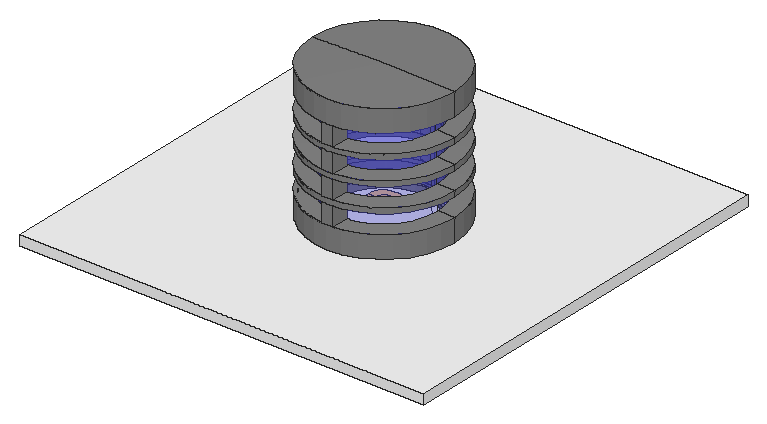
Revit family "BE_99760_de_DE", category Leuchten, Revit 2020
Family settings
  Basisbauteil = Fläche
  Bemaßung runder Anschluss = Durchmesser verwenden
  Teiletyp = Normal
  Beim Laden mit Abzugskörper schneiden = Ja
  Lichtquelle = Ja
  Gemeinsam genutzt = Nein
  Raumberechnungspunkt = Ja
Parameters (values of type "BEGA_99760_Grafit_K4")
  built-in parameter 1150104 = 10.013 (stored number, unit not read)
  Werkzeuglos = ""
  Wattage = 9 W
  Default Elevation = 0 mm
  built-in parameter 1150113 = 1 (stored number, unit not read)
  built-in parameter 1114218 = 1 (stored number, unit not read)
  Umgebungstemperatur = "25 °C"
  URL = "https://www.bega.com/de/produkt/99760"
  Typenkommentare = "© 2022 BEGA. Wir behalten uns das Recht vor, technische Änderungen ohne vorherige Ankündigung vorzunehmen."  # constant formula
  Type Image = 99760.png
  built-in parameter 1150134 = 12
  built-in parameter 1150109 = 1 (stored number, unit not read)
  Strom = ""
  built-in parameter 1150110 = 1 (stored number, unit not read)
  Spannung = 239.996 V
  Sonderanfertigung = no
  Seriennummer [instance] = "Hier können Sie die eindeutige Seriennummer für das Facility Management eintragen."
  Schutzklasse = "I"
  Schutzart = "IP 65"
  Scheinlast = 0 VA
  Produktdatenblatt = "https://cdn.bega.com/bega/products/99760AK4/current/documents/data-sheets/de"
  Oberflächentemperatur = ""
  Neigungswinkel = 0.00°
  Modell = "99760K4"
  Material_18 = BEGA_Gummi_schwarz
  Material_17 = BEGA_Reflektor
  Material_15 = BEGA_Leuchtmedium_matt
  Material_11 = BEGA_Glas_opal
  Material_06 = BEGA_Oberfläche_Edelstahl_gebürstet
  Material_02 = BEGA_Oberfläche_Silber_matt
  Material_01 [instance] = BEGA_Oberfläche_Grafit_matt
  M_G = yes
  M_A = no
  Logo = 0
  built-in parameter 1114217 = 1 (stored number, unit not read)
  built-in parameter 1150139 = (empty or 0)
  built-in parameter 1150105 = 77.192 (stored number, unit not read)
  built-in parameter 1150114 = 1 (stored number, unit not read)
  Lumens = 970.02 lm
  built-in parameter 1150115 = 1 (stored number, unit not read)
  Leuchtenlichtstrom = "238 lm"
  Leuchtenanzahl = ""
  Lebensdauerkriterien = "L70B50 @ 25 °C = 200000 h"
  Lastklassifizierung = Beleuchtung
  built-in parameter 1150112 = 1 (stored number, unit not read)
  Lampenlichtstrom = "1095 lm"
  Lampe = "LED 5.9 W"
  LED_Modulbezeichnung = "LED-0557/840"
  built-in parameter 1150142 = (empty or 0)
  Hersteller = "BEGA"  # constant formula
  Gewicht = "2.45 kg"
  Gebrauchslageneinschränkung [instance] = ""
  Frequenz = "0/50-60 Hz"
  Farbwiedergabeindex = "CRI > 80"
  Farbtemperaturverschiebung bei Dämpfen der Lampe = <Keine Auswahl>
  Farbtemperatur = "4000 K"
  Color Filter = 16777215
  built-in parameter 1150133 = 10 (stored number, unit not read)
  Energieeffizienzklasse = "LED A++ - A"
  built-in parameter 1150137 = (empty or 0)
  built-in parameter 1150132 = (empty or 0)
  ENEC = "ja"
  Datei für fotometrisches Netz = "BE_99760K4.IES"
  CE_Konformität = "ja"
  Bestellnummer = "99760K4"
  Beschreibung_Sonderanfertigung = "Hier können Sie Informationen zur Sonderanfertigung eintragen."
  Beschreibung = "Pollerleuchtenkopf"
  built-in parameter 1150106 = 0.77192 (stored number, unit not read)
  BEGA_Intern_aus = yes
  BEGA_Intern_an = yes
  BEGA_Intern_Konstruktion = yes
  BEGA_Intern = yes
  BEGA_IES = yes
  BEGA_Dummy = no
  Anschlussleistung [instance] = "7 W"
  built-in parameter 1150107 = 4000 (stored number, unit not read)
  built-in parameter 1150102 = (empty or 0)
  built-in parameter 1150138 = (empty or 0)
  Aktualisierung = "2022-05-20T04:00:08"
  AC/DC = "AC/DC"
Types (4, lengths in mm): name | built-in parameter 1150104 | built-in parameter 1150134 | Modell | M_G | M_A | built-in parameter 1150105 | Lumens | Leuchtenlichtstrom | Lampenlichtstrom | LED_Modulbezeichnung | Farbtemperatur | Datei für fotometrisches Netz | Bestellnummer | built-in parameter 1150106 | built-in parameter 1150107
  BEGA_99760_Grafit_K4 | 10.013 (stored number, unit not read) | 12 | "99760K4" | yes | no | 77.192 (stored number, unit not read) | 970.02 lm | "238 lm" | "1095 lm" | "LED-0557/840" | "4000 K" | "BE_99760K4.IES" | "99760K4" | 0.77192 (stored number, unit not read) | 4000 (stored number, unit not read)
  BEGA_99760_Silber_K3 | 9.4455 (stored number, unit not read) | (empty or 0) | "99760AK3" | no | yes | 72.816 (stored number, unit not read) | 915.03 lm | "235 lm" | "1080 lm" | "LED-0557/830" | "3000 K" | "BE_99760K3.IES" | "99760AK3" | 0.72816 (stored number, unit not read) | 3000 (stored number, unit not read)
  BEGA_99760_Silber_K4 | 10.013 (stored number, unit not read) | 12 | "99760AK4" | no | yes | 77.192 (stored number, unit not read) | 970.02 lm | "238 lm" | "1095 lm" | "LED-0557/840" | "4000 K" | "BE_99760K4.IES" | "99760AK4" | 0.77192 (stored number, unit not read) | 4000 (stored number, unit not read)
  BEGA_99760_Grafit_K3 | 9.4455 (stored number, unit not read) | (empty or 0) | "99760K3" | yes | no | 72.816 (stored number, unit not read) | 915.03 lm | "235 lm" | "1080 lm" | "LED-0557/830" | "3000 K" | "BE_99760K3.IES" | "99760K3" | 0.72816 (stored number, unit not read) | 3000 (stored number, unit not read)
Reference planes
  plane 1 "Mitte (Vorne/Hinten)": y = 0
  plane 2: z = 0
  plane 3 "Mitte (Links/Rechts)": x = 0
  plane 4 "Links": x = -70
  plane 5 "Rechts": x = 70
  plane 6 "Unten": y = -69.784
  plane 7 "Oben": y = 69.784
  plane 8 "Vorne": z = 133.6
  plane 9 "Hinten": z = -132.072
Forms (mm)
  Extrusion 1, solid, material "BEGA_Platte_Weiss"
    sketch origin (0, -1119.2, 0) x (1, 0, 0) y (0, 1, 0)
      loop
        line (-200, 1319.2) -> (-200, 919.2) -> (200, 919.2) -> (200, 1319.2) -> (-200, 1319.2)
    from 0 to -10
  Extrusion 2, solid, material "BEGA_Dummy_matt", visible <- "BEGA_Dummy"
    sketch origin (77.149, -76.023, 0) x (1, 0, 0) y (0, 1, 0)
      loop
        circle (-77.149, 76.023) r 70
    from 0 to 25.379
Dimensions and locks
  plane 1 "Mitte (Vorne/Hinten)" to Extrusion 1 = 200 mm
  aligned and locked: plane 2 to Extrusion 1
  aligned and locked: level to Extrusion 1
Nested families
  nested 1: "BE_99760_Pollerkopf" at (0, 0, 0), type "BE_99760_Pollerkopf"
    with BEGA_Infotext_Winkel no
Connectors
  electrical at (0, 0, 0), driven by "Lastklassifizierung", driven by "Spannung", driven by "Scheinlast"
    settings: index 1, voltage 239.996 V, apparent load 0 VA, apparent load phase1 0 VA, apparent load phase2 0 VA, apparent load phase3 0 VA, power factor 1, load classification "Beleuchtung", number of poles 1, system type 31, power factor state 1, is connector primary yes, connector utility no, sub classification motor no, connector description ""
Definition of nested family "BE_99760_Pollerkopf"
  Parameters (values of type "BE_99760_Pollerkopf")
    Default Elevation = 1 mm
    URL = "http://www.bega.de/de/produkt"
    Type Comments = "© 2015 BEGA. Wir behalten uns das Recht vor, technische Änderungen ohne vorherige Ankündigung vorzunehmen. "  # constant formula
    Type Image = element 69160
    Material_18 = none
    Material_15 = none
    Material_11 = none
    Material_02 = none
    Material_01 = none
    M_G = yes
    M_A = yes
    Länge_Platte = 200 mm  # constant formula
    Höhe_Platte = -10 mm  # constant formula
    Manufacturer = "BEGA"  # constant formula
    Breite_Platte = 200 mm  # constant formula
    BEGA_Infotext_Winkel [instance] = no
    Aktualisierung = "Stand: 25.03.2015"  # constant formula
  Reference planes
    plane 1 "Mitte (Oben/Unten)": y = 0
    plane 2: z = 0
    plane 3 "Mitte (Links/Rechts)": x = 0
    plane 4 "Links": x = -70
    plane 5 "Rechts": x = 70
    plane 6 "Oben": y = 69.784
    plane 7 "Unten": y = -69.784
    plane 8: z = 133.6
    plane 9: z = -132.072
  Forms (mm)
    Extrusion 1, solid, detail levels medium
      sketch origin (0, 0, 0) x (1, 0, 0) y (0, 1, 0)
        loop
          line (-100, 100) -> (-100, -100) -> (100, -100) -> (100, 100) -> (-100, 100)
      from 0 to -10 <- "Höhe_Platte"
    Revolve 2, solid, material <- "Material_01", visible <- "M_G", detail levels medium+fine
      sketch origin (0, 0, 0) x (1, 0, 0) y (0, 0, 1)
        loop
          line (-70, 133.6) -> (-70, 111.6) -> (-52.712, 110.996) -> (-52.5, 126.146) -> (-33.8, 126.146) -> (-33.625, 131.146) -> (0, 131.146) -> (0, 134.822) -> (-70, 133.6)
        loop
          line (-52.953, 93.695) -> (-70, 93.1) -> (-70, 87.9) -> (-53.042, 87.308) -> (-52.953, 93.695)
        loop
          line (-70, 69.4) -> (-70, 64.2) -> (-53.373, 63.619) -> (-53.284, 69.984) -> (-70, 69.4)
        loop
          line (-53.615, 46.272) -> (-70, 45.7) -> (-70, 40.5) -> (-53.704, 39.931) -> (-53.615, 46.272)
        loop
          line (-70, 0) -> (-67.2, 0) -> (-66.54, 18.896) -> (-53.998, 18.896) -> (-53.946, 22.561) -> (-70, 22) -> (-70, 0)
        axis (0, 134.822) -> (0, 0)
      angle from 0 to 360
    Extrusion 3, solid, material <- "Material_01", visible <- "M_G", detail levels medium+fine
      sketch origin (0, 0, 0) x (1, 0, 0) y (0, 1, 0)
        loop
          line (-5.5, 69.784) -> (-6.835, 54.521)
          arc (-6.835, 54.521) -> (0.016, 54.86) -> (6.854, 54.31) r 52.953
          line (6.854, 54.31) -> (5.5, 69.784)
          arc (5.5, 69.784) -> (0, 70) -> (-5.5, 69.784) r 70
        loop
          arc (-5.394, -69.792) -> (0.064, -70.003) -> (5.521, -69.789) r 69.998
          line (5.521, -69.789) -> (6.914, -53.872)
          arc (6.914, -53.872) -> (0.063, -54.314) -> (-6.787, -53.864) r 52.95
          line (-6.787, -53.864) -> (-5.394, -69.792)
      from 0 to 111.6
    Revolve 4, solid, material <- "Material_11"
      sketch origin (0, 0, 0) x (1, 0, 0) y (0, 0, 1)
        loop
          line (-39.531, 120.5) -> (0, 120.5) -> (0, 125.5) -> (-48.379, 125.5)
          arc (-48.379, 125.5) -> (-50.481, 124.64) -> (-51.378, 122.552) r 3
          line (-51.378, 122.552) -> (-53.5, 1) -> (-48.5, 1) -> (-45.524, 114.657)
          arc (-45.524, 114.657) -> (-43.714, 118.796) -> (-39.531, 120.5) r 6
        axis (0, 125.5) -> (0, 1)
      angle from 0 to 360
    Revolve 5, solid, material <- "Material_01", visible <- "M_G", detail levels medium+fine
      sketch origin (0, 0, 0) x (1, 0, 0) y (0, 0, 1)
        loop
          line (-66.8, 0) -> (-64.8, 0) -> (-63.389, -8) -> (-57, -8.223) -> (-57, -26.7) -> (-60, -29.7) -> (-60, -32.2) -> (-46.792, -32.2) -> (-46.446, -42.099)
          arc (-46.446, -42.099) -> (-46.236, -42.929) -> (-45.698, -43.595) r 2
          line (-45.698, -43.595) -> (-43.935, -45) -> (-32.5, -45) -> (-32.203, -53.5) -> (-29.5, -53.5) -> (-28.834, -40.8) -> (-6.049, -40.8) -> (-6.147, -38) -> (-42.929, -38) -> (-44.5, 7) -> (-46.651, 7) -> (-47, -3) -> (-54, -3) -> (-54.244, 4) -> (-66.8, 4) -> (-66.8, 0)
        axis (0, 7) -> (0, -53.5)
      angle from 0 to 360
    Revolve 6, solid, material <- "Material_01", visible <- "M_G", detail levels medium+fine
      sketch origin (0, 0, 0) x (1, 0, 0) y (0, 0, 1)
        loop
          line (-33.87, -53.5) -> (-33.8, -57.5) -> (-29.3, -57.5) -> (-28.596, -97.844)
          arc (-28.596, -97.844) -> (-27.848, -99.583) -> (-26.096, -100.3) r 2.5
          line (-26.096, -100.3) -> (-13.57, -100.3)
          arc (-13.57, -100.3) -> (-12.869, -100.586) -> (-12.57, -101.281) r 1
          line (-12.57, -101.281) -> (-12.5, -105.3) -> (-7.6, -105.3) -> (-7.6, -98.5) -> (-24.749, -98.5)
          arc (-24.749, -98.5) -> (-26.151, -97.927) -> (-26.749, -96.535) r 2
          line (-26.749, -96.535) -> (-27.5, -53.5) -> (-33.87, -53.5)
        axis (0, -53.5) -> (0, -105.3)
      angle from 0 to 360
    Revolve 7, solid, material <- "Material_18", detail levels medium+fine
      sketch origin (0, 0, 0) x (1, 0, 0) y (0, 0, 1)
        loop
          arc (-9.197, -127.85) -> (-7.969, -130.818) -> (-5.002, -132.05) r 4.2
          line (-5.002, -132.05) -> (0, -132.05) -> (0, -101.05) -> (-6.93, -101.05) -> (-6.93, -106.05) -> (-9.5, -106.05) -> (-9.5, -111.05) -> (-7.6, -111.05) -> (-7.6, -116.55) -> (-9.5, -116.55) -> (-9.5, -126.502) -> (-9.197, -127.85)
        axis (0, -101.05) -> (0, -132.05)
      angle from 0 to 360
    Revolve 8, solid, material <- "Material_15", detail levels medium+fine
      sketch origin (0, 0, 0) x (1, 0, 0) y (0, 0, 1)
        loop
          line (-15, 12) -> (-7.024, 12) -> (-7.024, 13.8) -> (-15, 13.8) -> (-15, 12)
        axis (0, 13.8) -> (0, 12)
      angle from 0 to 360
    Revolve 9, solid, material <- "Material_02", visible <- "M_A", detail levels medium+fine
      sketch origin (0, 0, 0) x (1, 0, 0) y (0, 0, 1)
        loop
          line (-70, 133.6) -> (-70, 111.6) -> (-52.712, 110.996) -> (-52.5, 126.146) -> (-33.8, 126.146) -> (-33.625, 131.146) -> (0, 131.146) -> (0, 134.822) -> (-70, 133.6)
        loop
          line (-52.953, 93.695) -> (-70, 93.1) -> (-70, 87.9) -> (-53.042, 87.308) -> (-52.953, 93.695)
        loop
          line (-70, 69.4) -> (-70, 64.2) -> (-53.373, 63.619) -> (-53.284, 69.984) -> (-70, 69.4)
        loop
          line (-53.615, 46.272) -> (-70, 45.7) -> (-70, 40.5) -> (-53.704, 39.931) -> (-53.615, 46.272)
        loop
          line (-70, 0) -> (-67.2, 0) -> (-66.54, 18.896) -> (-53.998, 18.896) -> (-53.946, 22.561) -> (-70, 22) -> (-70, 0)
        axis (0, 134.822) -> (0, 0)
      angle from 0 to 360
    Extrusion 10, solid, material <- "Material_02", visible <- "M_A", detail levels medium+fine
      sketch origin (0, 0, 0) x (1, 0, 0) y (0, 1, 0)
        loop
          line (-5.5, 69.784) -> (-6.835, 54.521)
          arc (-6.835, 54.521) -> (0.016, 54.86) -> (6.854, 54.31) r 52.953
          line (6.854, 54.31) -> (5.5, 69.784)
          arc (5.5, 69.784) -> (0, 70) -> (-5.5, 69.784) r 70
        loop
          arc (-5.394, -69.792) -> (0.064, -70.003) -> (5.521, -69.789) r 69.998
          line (5.521, -69.789) -> (6.914, -53.872)
          arc (6.914, -53.872) -> (0.063, -54.314) -> (-6.787, -53.864) r 52.95
          line (-6.787, -53.864) -> (-5.394, -69.792)
      from 0 to 111.6
    Revolve 11, solid, material <- "Material_02", visible <- "M_A", detail levels medium+fine
      sketch origin (0, 0, 0) x (1, 0, 0) y (0, 0, 1)
        loop
          line (-66.8, 0) -> (-64.8, 0) -> (-63.389, -8) -> (-57, -8.223) -> (-57, -26.7) -> (-60, -29.7) -> (-60, -32.2) -> (-46.792, -32.2) -> (-46.446, -42.099)
          arc (-46.446, -42.099) -> (-46.236, -42.929) -> (-45.698, -43.595) r 2
          line (-45.698, -43.595) -> (-43.935, -45) -> (-32.5, -45) -> (-32.203, -53.5) -> (-29.5, -53.5) -> (-28.834, -40.8) -> (-6.049, -40.8) -> (-6.147, -38) -> (-42.929, -38) -> (-44.5, 7) -> (-46.651, 7) -> (-47, -3) -> (-54, -3) -> (-54.244, 4) -> (-66.8, 4) -> (-66.8, 0)
        axis (0, 7) -> (0, -53.5)
      angle from 0 to 360
    Revolve 12, solid, material <- "Material_02", visible <- "M_A", detail levels medium+fine
      sketch origin (0, 0, 0) x (1, 0, 0) y (0, 0, 1)
        loop
          line (-33.87, -53.5) -> (-33.8, -57.5) -> (-29.3, -57.5) -> (-28.596, -97.844)
          arc (-28.596, -97.844) -> (-27.848, -99.583) -> (-26.096, -100.3) r 2.5
          line (-26.096, -100.3) -> (-13.57, -100.3)
          arc (-13.57, -100.3) -> (-12.869, -100.586) -> (-12.57, -101.281) r 1
          line (-12.57, -101.281) -> (-12.5, -105.3) -> (-7.6, -105.3) -> (-7.6, -98.5) -> (-24.749, -98.5)
          arc (-24.749, -98.5) -> (-26.151, -97.927) -> (-26.749, -96.535) r 2
          line (-26.749, -96.535) -> (-27.5, -53.5) -> (-33.87, -53.5)
        axis (0, -53.5) -> (0, -105.3)
      angle from 0 to 360
  Cuts and joins
    joined: Revolve 2, Extrusion 3
    joined: Revolve 9, Extrusion 10
  Dimensions and locks
    equal spacing: Extrusion 1 sketch curve, plane 3 "Mitte (Links/Rechts)", Extrusion 1 sketch curve
    equal spacing: Extrusion 1 sketch curve, plane 1 "Mitte (Oben/Unten)", Extrusion 1 sketch curve
    "Länge_Platte": Extrusion 1 sketch curve to Extrusion 1 sketch curve
    "Breite_Platte": Extrusion 1 sketch curve to Extrusion 1 sketch curve
    plane 1 "Mitte (Oben/Unten)" to Extrusion 1 = 100 mm  (x3)
    aligned and locked: Extrusion 1 to plane 2
    aligned and locked: Extrusion 1 to level
  Automatic sketch dimensions
    Revolve 2 sketch curve to Revolve 2 sketch curve = 22 mm
    Revolve 2 sketch curve to Revolve 2 sketch curve = 17.288 mm
    Revolve 2 sketch curve to Revolve 2 sketch curve = 0.604 mm
    Revolve 2 sketch curve to Revolve 2 sketch curve = 0.212 mm
    Revolve 2 sketch curve to Revolve 2 sketch curve = 15.15 mm
    Revolve 2 sketch curve to Revolve 2 sketch curve = 18.7 mm
    Revolve 2 sketch curve to Revolve 2 sketch curve = 0.175 mm
    Revolve 2 sketch curve to Revolve 2 sketch curve = 33.625 mm
    Revolve 2 sketch curve to Revolve 2 sketch curve = 5 mm
    Revolve 2 sketch curve to plane 3 "Mitte (Links/Rechts)" = 0 mm  (x2)
    Revolve 2 sketch curve to Revolve 2 sketch curve = 0.331 mm  (x3)
    Revolve 2 sketch curve to Revolve 2 sketch curve = 0.089 mm  (x3)
    Revolve 2 sketch curve to Revolve 2 sketch curve = 17.301 mm
    Revolve 2 sketch curve to Revolve 2 sketch curve = 6.387 mm
    Revolve 2 sketch curve to Revolve 2 sketch curve = 16.958 mm
    Revolve 2 sketch curve to Revolve 2 sketch curve = 0.595 mm
    Revolve 2 sketch curve to Revolve 2 sketch curve = 5.2 mm  (x3)
    Revolve 2 sketch curve to Revolve 2 sketch curve = 17.324 mm
    Revolve 2 sketch curve to Revolve 2 sketch curve = 6.364 mm
    Revolve 2 sketch curve to Revolve 2 sketch curve = 16.716 mm
    Revolve 2 sketch curve to Revolve 2 sketch curve = 0.584 mm
    Revolve 2 sketch curve to Revolve 2 sketch curve = 17.347 mm
    Revolve 2 sketch curve to Revolve 2 sketch curve = 6.341 mm
    Revolve 2 sketch curve to Revolve 2 sketch curve = 16.385 mm
    Revolve 2 sketch curve to Revolve 2 sketch curve = 0.572 mm
    Revolve 2 sketch curve to level = 0 mm
    level to Revolve 2 sketch curve = 22.561 mm
    Revolve 2 sketch curve to Revolve 2 sketch curve = 0.243 mm
    Revolve 2 sketch curve to Revolve 2 sketch curve = 16.054 mm
    level to Revolve 2 sketch curve = 22 mm
    Revolve 2 sketch curve to Revolve 2 sketch curve = 2.8 mm
    Revolve 2 sketch curve to Revolve 2 sketch curve = 3.46 mm
    Revolve 2 sketch curve to Revolve 2 sketch curve = 0.051 mm
    level to Revolve 2 sketch curve = 18.896 mm
    Revolve 4 sketch curve to plane 3 "Mitte (Links/Rechts)" = 51.378 mm
    Revolve 4 sketch curve to Revolve 4 sketch curve = 3 mm
    Revolve 4 sketch curve to Revolve 4 sketch curve = 8.853 mm
    Revolve 4 sketch curve to Revolve 4 sketch curve = 8 mm
    Revolve 4 sketch curve to Revolve 4 sketch curve = 0.052 mm
    level to Revolve 4 sketch curve = 1 mm
    Revolve 4 sketch curve to plane 3 "Mitte (Links/Rechts)" = 53.5 mm
    Revolve 4 sketch curve to Revolve 4 sketch curve = 0 mm  (x4)
    Revolve 4 sketch curve to Revolve 4 sketch curve = 5.998 mm
    Revolve 4 sketch curve to Revolve 4 sketch curve = 0.005 mm
    Revolve 4 sketch curve to Revolve 4 sketch curve = 0.157 mm
    Revolve 4 sketch curve to Revolve 4 sketch curve = 5 mm  (x2)
    Revolve 4 sketch curve to plane 3 "Mitte (Links/Rechts)" = 0 mm  (x2)
    Revolve 5 sketch curve to level = 0 mm
    Revolve 5 sketch curve to Revolve 5 sketch curve = 2 mm
    Revolve 5 sketch curve to Revolve 5 sketch curve = 1.411 mm
    Revolve 5 sketch curve to level = 8 mm
    Revolve 5 sketch curve to level = 8.223 mm
    Revolve 5 sketch curve to Revolve 5 sketch curve = 6.389 mm
    level to Revolve 5 sketch curve = 4 mm
    Revolve 5 sketch curve to Revolve 5 sketch curve = 10.556 mm
    Revolve 5 sketch curve to Revolve 5 sketch curve = 0.244 mm
    Revolve 5 sketch curve to Revolve 5 sketch curve = 7 mm
    Revolve 5 sketch curve to level = 3 mm
    Revolve 5 sketch curve to Revolve 5 sketch curve = 7.594 mm
    Revolve 5 sketch curve to Revolve 5 sketch curve = 2.151 mm
    level to Revolve 5 sketch curve = 7 mm
    Revolve 5 sketch curve to Revolve 5 sketch curve = 14.071 mm
    Revolve 5 sketch curve to Revolve 5 sketch curve = 18.477 mm
    Revolve 5 sketch curve to Revolve 5 sketch curve = 11.3 mm
    Revolve 5 sketch curve to Revolve 5 sketch curve = 3 mm
    Revolve 5 sketch curve to Revolve 5 sketch curve = 3.863 mm
    Revolve 5 sketch curve to Revolve 5 sketch curve = 3.518 mm
    Revolve 5 sketch curve to Revolve 5 sketch curve = 2.512 mm
    Revolve 5 sketch curve to Revolve 5 sketch curve = 36.782 mm
    Revolve 5 sketch curve to Revolve 5 sketch curve = 0.297 mm
    Revolve 5 sketch curve to Revolve 5 sketch curve = 2.703 mm
    Revolve 5 sketch curve to Revolve 5 sketch curve = 4.099 mm
    Revolve 5 sketch curve to Revolve 5 sketch curve = 8.5 mm
    Revolve 5 sketch curve to Revolve 5 sketch curve = 5.8 mm
    Revolve 5 sketch curve to Revolve 5 sketch curve = 2.5 mm
    Revolve 5 sketch curve to Revolve 5 sketch curve = 1.999 mm
    Revolve 5 sketch curve to Revolve 5 sketch curve = 0.064 mm
    Revolve 5 sketch curve to Revolve 5 sketch curve = 0.749 mm
    Revolve 6 sketch curve to plane 3 "Mitte (Links/Rechts)" = 33.87 mm
    Revolve 6 sketch curve to Revolve 6 sketch curve = 0.07 mm  (x2)
    Revolve 6 sketch curve to Revolve 6 sketch curve = 4 mm  (x2)
    Revolve 6 sketch curve to plane 3 "Mitte (Links/Rechts)" = 26.096 mm
    Revolve 6 sketch curve to Revolve 6 sketch curve = 1.347 mm  (x2)
    Revolve 6 sketch curve to Revolve 6 sketch curve = 11.179 mm
    Revolve 6 sketch curve to Revolve 6 sketch curve = 1.3 mm
    Revolve 6 sketch curve to Revolve 6 sketch curve = 4.5 mm
    Revolve 6 sketch curve to Revolve 6 sketch curve = 2.5 mm
    Revolve 6 sketch curve to Revolve 6 sketch curve = 0 mm  (x9)
    Revolve 6 sketch curve to Revolve 6 sketch curve = 1.8 mm
    Revolve 6 sketch curve to Revolve 6 sketch curve = 0.653 mm
    Revolve 6 sketch curve to Revolve 6 sketch curve = 4.9 mm
    Revolve 8 sketch curve to plane 3 "Mitte (Links/Rechts)" = 15 mm
    level to Revolve 8 sketch curve = 12 mm
    Revolve 8 sketch curve to plane 3 "Mitte (Links/Rechts)" = 7.024 mm
    Revolve 8 sketch curve to plane 3 "Mitte (Links/Rechts)" = 0 mm
    Revolve 8 sketch curve to Revolve 8 sketch curve = 1.8 mm
    Revolve 2 sketch curve to Revolve 2 sketch curve = 17.37 mm
    Revolve 2 sketch curve to Revolve 2 sketch curve = 3.676 mm
    Revolve 2 sketch curve to Revolve 2 sketch curve = 2474.236 mm
    Revolve 4 sketch curve to Revolve 4 sketch curve = 113.5 mm
    Revolve 4 sketch curve to Revolve 4 sketch curve = 2483.558 mm
    Revolve 8 sketch curve to Revolve 8 sketch curve = 2595.258 mm
    Extrusion 3 sketch curve to Extrusion 3 sketch curve = 0.042 mm
    Extrusion 3 sketch curve to Extrusion 3 sketch curve = 0.005 mm
    Extrusion 3 sketch curve to plane 6 "Oben" = 0 mm  (x2)
    Extrusion 3 sketch curve to plane 7 "Unten" = 0.008 mm
    plane 1 "Mitte (Oben/Unten)" to Extrusion 3 sketch curve = 0.005 mm
    plane 3 "Mitte (Links/Rechts)" to Extrusion 3 sketch curve = 0.042 mm
    Extrusion 3 sketch curve to plane 7 "Unten" = 0.005 mm
    Extrusion 3 sketch curve to plane 3 "Mitte (Links/Rechts)" = 0.797 mm
    Extrusion 3 sketch curve to plane 3 "Mitte (Links/Rechts)" = 5.394 mm
    Extrusion 3 sketch curve to plane 3 "Mitte (Links/Rechts)" = 5.5 mm
    Extrusion 3 sketch curve to plane 3 "Mitte (Links/Rechts)" = 6.835 mm
    Extrusion 3 sketch curve to plane 3 "Mitte (Links/Rechts)" = 6.787 mm
    plane 3 "Mitte (Links/Rechts)" to Extrusion 3 sketch curve = 0.094 mm
    plane 3 "Mitte (Links/Rechts)" to Extrusion 3 sketch curve = 6.854 mm
    plane 3 "Mitte (Links/Rechts)" to Extrusion 3 sketch curve = 6.914 mm
    plane 7 "Unten" to Extrusion 3 sketch curve = 15.911 mm
    Extrusion 3 sketch curve to Extrusion 3 sketch curve = 0.008 mm
    Extrusion 3 sketch curve to plane 1 "Mitte (Oben/Unten)" = 1.913 mm
    Extrusion 3 sketch curve to plane 6 "Oben" = 15.473 mm
    Revolve 5 sketch curve to plane 3 "Mitte (Links/Rechts)" = 0 mm
    Revolve 5 sketch curve to Revolve 5 sketch curve = 3.666 mm
    Revolve 5 sketch curve to Revolve 5 sketch curve = 4.2 mm
    plane 8 to Revolve 5 sketch curve = 2475.458 mm
    Revolve 5 sketch curve to Revolve 5 sketch curve = 26.353 mm
    Revolve 5 sketch curve to plane 3 "Mitte (Links/Rechts)" = 6.049 mm
    Revolve 5 sketch curve to Revolve 5 sketch curve = 0.098 mm
    Revolve 5 sketch curve to Revolve 5 sketch curve = 2.8 mm
    Revolve 7 sketch curve to plane 3 "Mitte (Links/Rechts)" = 0 mm  (x2)
    Revolve 7 sketch curve to plane 3 "Mitte (Links/Rechts)" = 4.997 mm
    Revolve 7 sketch curve to Revolve 7 sketch curve = 0.005 mm
    Revolve 7 sketch curve to Revolve 7 sketch curve = 6.93 mm
    Revolve 7 sketch curve to plane 3 "Mitte (Links/Rechts)" = 7.6 mm
    Revolve 7 sketch curve to Revolve 7 sketch curve = 4.2 mm
    Revolve 7 sketch curve to Revolve 7 sketch curve = 0.303 mm
    Revolve 7 sketch curve to Revolve 7 sketch curve = 1.9 mm
    Revolve 7 sketch curve to Revolve 7 sketch curve = 5 mm  (x2)
    Revolve 7 sketch curve to Revolve 7 sketch curve = 5.5 mm
    Revolve 7 sketch curve to Revolve 7 sketch curve = 9.952 mm
    Revolve 7 sketch curve to Revolve 7 sketch curve = 1.348 mm  (x2)
    Revolve 7 sketch curve to Revolve 7 sketch curve = 477.55 mm
    plane 8 to Revolve 7 sketch curve = 2475.458 mm
    Revolve 2 sketch curve to level = 609.6 mm
    Revolve 4 sketch curve to level = 609.6 mm
    Revolve 5 sketch curve to Revolve 5 sketch curve = 556.1 mm
    Revolve 6 sketch curve to plane 3 "Mitte (Links/Rechts)" = 0 mm
    Revolve 6 sketch curve to Revolve 6 sketch curve = 1 mm
    Revolve 6 sketch curve to level = 105.3 mm
    Revolve 6 sketch curve to Revolve 6 sketch curve = 0.019 mm
    Revolve 6 sketch curve to Revolve 6 sketch curve = 2.781 mm
    Revolve 6 sketch curve to Revolve 6 sketch curve = 0.7 mm
    Revolve 6 sketch curve to Revolve 6 sketch curve = 39.035 mm
    Revolve 6 sketch curve to Revolve 6 sketch curve = 504.3 mm
    plane 8 to Revolve 6 sketch curve = 2475.458 mm
    Revolve 7 sketch curve to level = 101.05 mm
    Revolve 8 sketch curve to level = 609.6 mm
    Revolve 9 sketch curve to plane 4 "Links" = 0 mm  (x5)
    Revolve 9 sketch curve to level = 0 mm
    Revolve 9 sketch curve to plane 3 "Mitte (Links/Rechts)" = 0 mm  (x2)
    Revolve 9 sketch curve to plane 8 = 0 mm
    Revolve 9 sketch curve to Revolve 9 sketch curve = 2.8 mm
    plane 4 "Links" to Revolve 9 sketch curve = 3.46 mm
    Revolve 9 sketch curve to Revolve 9 sketch curve = 12.543 mm
    Revolve 9 sketch curve to Revolve 9 sketch curve = 0.051 mm
    plane 4 "Links" to Revolve 9 sketch curve = 16.296 mm
    Revolve 9 sketch curve to Revolve 9 sketch curve = 0.089 mm  (x3)
    plane 4 "Links" to Revolve 9 sketch curve = 16.627 mm
    plane 4 "Links" to Revolve 9 sketch curve = 16.958 mm
    plane 4 "Links" to Revolve 9 sketch curve = 17.288 mm
    Revolve 9 sketch curve to plane 8 = 7.454 mm
    Revolve 9 sketch curve to Revolve 9 sketch curve = 0.212 mm
    Revolve 9 sketch curve to Revolve 9 sketch curve = 18.7 mm
    Revolve 9 sketch curve to plane 8 = 2.454 mm
    Revolve 9 sketch curve to Revolve 9 sketch curve = 0.175 mm
    level to Revolve 9 sketch curve = 18.896 mm
    Revolve 9 sketch curve to Revolve 9 sketch curve = 3.104 mm
    Revolve 9 sketch curve to Revolve 9 sketch curve = 3.665 mm
    Revolve 9 sketch curve to Revolve 9 sketch curve = 17.37 mm
    Revolve 9 sketch curve to Revolve 9 sketch curve = 0.569 mm
    Revolve 9 sketch curve to Revolve 9 sketch curve = 5.2 mm  (x3)
    Revolve 9 sketch curve to Revolve 9 sketch curve = 6.341 mm
    Revolve 9 sketch curve to Revolve 9 sketch curve = 17.347 mm
    Revolve 9 sketch curve to Revolve 9 sketch curve = 0.581 mm
    Revolve 9 sketch curve to Revolve 9 sketch curve = 6.364 mm
    Revolve 9 sketch curve to Revolve 9 sketch curve = 17.324 mm
    Revolve 9 sketch curve to Revolve 9 sketch curve = 0.592 mm
    Revolve 9 sketch curve to Revolve 9 sketch curve = 6.387 mm
    Revolve 9 sketch curve to Revolve 9 sketch curve = 15.15 mm
    Revolve 9 sketch curve to Revolve 9 sketch curve = 0.604 mm
    plane 8 to Revolve 9 sketch curve = 1.222 mm
    Revolve 9 sketch curve to plane 9 = 477.528 mm
    Revolve 9 sketch curve to Revolve 9 sketch curve = 2474.236 mm
    Extrusion 10 sketch curve to plane 6 "Oben" = 0 mm  (x2)
    plane 1 "Mitte (Oben/Unten)" to Extrusion 10 sketch curve = 0 mm
    Extrusion 10 sketch curve to plane 3 "Mitte (Links/Rechts)" = 0 mm
    Extrusion 10 sketch curve to plane 3 "Mitte (Links/Rechts)" = 0.797 mm
    Extrusion 10 sketch curve to plane 7 "Unten" = 0.008 mm
    Extrusion 10 sketch curve to plane 3 "Mitte (Links/Rechts)" = 5.394 mm
    Extrusion 10 sketch curve to plane 3 "Mitte (Links/Rechts)" = 5.5 mm
    Extrusion 10 sketch curve to plane 3 "Mitte (Links/Rechts)" = 6.787 mm
    Extrusion 10 sketch curve to plane 3 "Mitte (Links/Rechts)" = 6.835 mm
    plane 1 "Mitte (Oben/Unten)" to Extrusion 10 sketch curve = 0.005 mm
    plane 3 "Mitte (Links/Rechts)" to Extrusion 10 sketch curve = 0.042 mm
    plane 3 "Mitte (Links/Rechts)" to Extrusion 10 sketch curve = 0.094 mm
    Extrusion 10 sketch curve to plane 7 "Unten" = 0.005 mm
    plane 3 "Mitte (Links/Rechts)" to Extrusion 10 sketch curve = 6.854 mm
    plane 3 "Mitte (Links/Rechts)" to Extrusion 10 sketch curve = 6.914 mm
    plane 7 "Unten" to Extrusion 10 sketch curve = 15.911 mm
    Extrusion 10 sketch curve to Extrusion 10 sketch curve = 0.008 mm
    Extrusion 10 sketch curve to plane 1 "Mitte (Oben/Unten)" = 1.913 mm
    Extrusion 10 sketch curve to plane 6 "Oben" = 15.473 mm
    Revolve 11 sketch curve to level = 0 mm
    Revolve 11 sketch curve to plane 3 "Mitte (Links/Rechts)" = 0 mm
    Revolve 11 sketch curve to plane 3 "Mitte (Links/Rechts)" = 6.049 mm
    Revolve 11 sketch curve to Revolve 11 sketch curve = 0.098 mm
    Revolve 11 sketch curve to Revolve 11 sketch curve = 22.786 mm
    Revolve 11 sketch curve to Revolve 11 sketch curve = 0.666 mm
    Revolve 11 sketch curve to Revolve 11 sketch curve = 2.703 mm
    Revolve 11 sketch curve to Revolve 11 sketch curve = 3.666 mm
    Revolve 11 sketch curve to Revolve 11 sketch curve = 10.429 mm
    Revolve 11 sketch curve to Revolve 11 sketch curve = 1.006 mm
    Revolve 11 sketch curve to Revolve 11 sketch curve = 0.513 mm
    level to Revolve 11 sketch curve = 7 mm
    plane 4 "Links" to Revolve 11 sketch curve = 25.5 mm
    Revolve 11 sketch curve to Revolve 11 sketch curve = 1.25 mm
    Revolve 11 sketch curve to Revolve 11 sketch curve = 0.749 mm
    Revolve 11 sketch curve to Revolve 11 sketch curve = 2.151 mm
    Revolve 11 sketch curve to Revolve 11 sketch curve = 3.863 mm
    Revolve 11 sketch curve to level = 3 mm
    Revolve 11 sketch curve to Revolve 11 sketch curve = 0.349 mm
    Revolve 11 sketch curve to Revolve 11 sketch curve = 7 mm
    Revolve 11 sketch curve to Revolve 11 sketch curve = 0.244 mm
    Revolve 11 sketch curve to Revolve 11 sketch curve = 3 mm  (x3)
    Revolve 11 sketch curve to Revolve 11 sketch curve = 6.389 mm
    plane 4 "Links" to Revolve 11 sketch curve = 5.2 mm
    Revolve 11 sketch curve to Revolve 11 sketch curve = 2 mm
    Revolve 11 sketch curve to level = 8 mm
    Revolve 11 sketch curve to Revolve 11 sketch curve = 5.223 mm
    Revolve 11 sketch curve to Revolve 11 sketch curve = 18.477 mm
    Revolve 11 sketch curve to Revolve 11 sketch curve = 2.5 mm
    Revolve 11 sketch curve to level = 38 mm
    Revolve 11 sketch curve to Revolve 11 sketch curve = 2.8 mm
    Revolve 11 sketch curve to Revolve 11 sketch curve = 4.034 mm
    Revolve 11 sketch curve to Revolve 11 sketch curve = 0.064 mm
    Revolve 11 sketch curve to Revolve 11 sketch curve = 4.2 mm
    Revolve 11 sketch curve to Revolve 11 sketch curve = 8.5 mm
    Revolve 11 sketch curve to Revolve 11 sketch curve = 4 mm
    Revolve 11 sketch curve to plane 9 = 477.528 mm
    plane 8 to Revolve 11 sketch curve = 2475.458 mm
    plane 3 "Mitte (Links/Rechts)" to Revolve 12 sketch curve = 0 mm
    Revolve 12 sketch curve to plane 3 "Mitte (Links/Rechts)" = 7.6 mm
    Revolve 12 sketch curve to Revolve 12 sketch curve = 4.9 mm
    Revolve 12 sketch curve to Revolve 12 sketch curve = 0.07 mm  (x2)
    Revolve 12 sketch curve to Revolve 12 sketch curve = 1 mm
    Revolve 12 sketch curve to Revolve 12 sketch curve = 11.179 mm
    Revolve 12 sketch curve to Revolve 12 sketch curve = 1.347 mm  (x3)
    Revolve 12 sketch curve to plane 3 "Mitte (Links/Rechts)" = 27.5 mm
    Revolve 12 sketch curve to Revolve 12 sketch curve = 1.8 mm
    Revolve 12 sketch curve to Revolve 12 sketch curve = 4.5 mm
    plane 9 to Revolve 12 sketch curve = 26.772 mm
    Revolve 12 sketch curve to Revolve 12 sketch curve = 4 mm  (x2)
    Revolve 12 sketch curve to Revolve 12 sketch curve = 0.019 mm
    Revolve 12 sketch curve to Revolve 12 sketch curve = 2.781 mm
    Revolve 12 sketch curve to Revolve 12 sketch curve = 0.7 mm
    Revolve 12 sketch curve to Revolve 12 sketch curve = 1.3 mm
    Revolve 12 sketch curve to Revolve 12 sketch curve = 39 mm
    Revolve 12 sketch curve to Revolve 12 sketch curve = 0 mm  (x8)
    Revolve 12 sketch curve to Revolve 12 sketch curve = 0.653 mm
    Revolve 12 sketch curve to Revolve 12 sketch curve = 1.847 mm
    Revolve 12 sketch curve to plane 9 = 477.528 mm
    plane 8 to Revolve 12 sketch curve = 2475.458 mm
